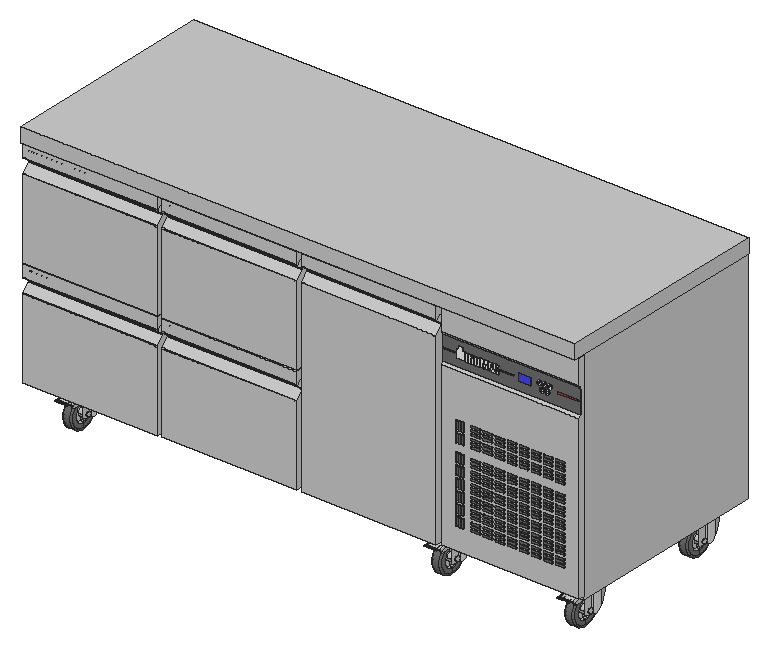
Revit family "QF_INOMAK_PNRP999_250513024609", category Specialty Equipment, Revit 2021 (continued)
Definition of nested family "QF_INOMAK_REF_COUNTERS_DOORS_DRAWERS_16448"
  Definition of nested family "4_Drawers_1-4"
    Forms (mm)
      Extrusion 1, solid, material <- "Finish", visible <- "4 Drawers"
        sketch origin (35, 0, -1) x (0, -1, 0) y (0, 0, 1)
          loop
            arc (690, 1037) -> (687.071, 1044.071) -> (680, 1047) r 10
        from 0 to -1130
      Extrusion 2, solid, visible <- "4 Drawers", detail levels coarse
        sketch origin (0, -640.463, 826.083) x (0, 1, 0) y (-1, 0, 0)
          loop
            line (-49.537, -35) -> (-624.537, -35) -> (-624.537, -1165) -> (-49.537, -1165) -> (-49.537, -35)
        from 0 to 219.917
      Extrusion 3, solid, visible <- "4 Drawers", detail levels coarse
        sketch origin (0, -700, 154) x (-1, 0, 0) y (0, 1, 0)
          loop
            line (-35, 10) -> (-1165, 10) -> (-1165, -565) -> (-35, -565) -> (-35, 10)
        from 0 to -219.583
      Extrusion 4, solid, material <- "Finish", visible <- "4 Drawers"
        sketch origin (35, 0, -440.333) x (0, -1, 0) y (0, 0, 1)
          loop
            line (680, 813.917) -> (670, 813.917) -> (670, 594.333) -> (690, 594.333) -> (690, 757.761)
            arc (690, 757.761) -> (689.115, 763.644) -> (686.539, 769.007) r 20
            line (686.539, 769.007) -> (673, 788.917) -> (673, 810.917) -> (680, 810.917)
            arc (680, 810.917) -> (684.95, 808.866) -> (687, 803.917) r 7
            line (687, 803.917) -> (687, 798.904) -> (690, 798.904) -> (690, 803.917)
            arc (690, 803.917) -> (687.071, 810.988) -> (680, 813.917) r 10
        from 0 to -1130
      Extrusion 5, solid, material <- "Finish", visible <- "4 Drawers"
        sketch origin (35, 0, -165.333) x (0, -1, 0) y (0, 0, 1)
          loop
            line (680, 987.75) -> (670, 987.75) -> (670, 767.167) -> (690, 767.167) -> (690, 931.594)
            arc (690, 931.594) -> (689.115, 937.478) -> (686.539, 942.84) r 20
            line (686.539, 942.84) -> (673, 962.75) -> (673, 984.75) -> (680, 984.75)
            arc (680, 984.75) -> (684.95, 982.7) -> (687, 977.75) r 7
            line (687, 977.75) -> (687, 972.738) -> (690, 972.738) -> (690, 977.75)
            arc (690, 977.75) -> (687.071, 984.821) -> (680, 987.75) r 10
        from 0 to -1130
      Extrusion 6, solid, material <- "Finish", visible <- "4 Drawers"
        sketch origin (35, 0, -330.333) x (0, -1, 0) y (0, 0, 1)
          loop
            line (680, 928.5) -> (670, 928.5) -> (670, 708.25) -> (690, 708.25) -> (690, 872.344)
            arc (690, 872.344) -> (689.115, 878.228) -> (686.539, 883.59) r 20
            line (686.539, 883.59) -> (673, 903.5) -> (673, 925.5) -> (680, 925.5)
            arc (680, 925.5) -> (684.95, 923.45) -> (687, 918.5) r 7
            line (687, 918.5) -> (687, 913.488) -> (690, 913.488) -> (690, 918.5)
            arc (690, 918.5) -> (687.071, 925.571) -> (680, 928.5) r 10
        from 0 to -1130
      Extrusion 7, solid, visible <- "4 Drawers", detail levels coarse
        sketch origin (0, -500.463, 601.833) x (0, 1, 0) y (-1, 0, 0)
          loop
            line (-189.537, -35) -> (-764.537, -35) -> (-764.537, -1165) -> (-189.537, -1165) -> (-189.537, -35)
        from 0 to 220.583
      Extrusion 8, solid, visible <- "4 Drawers", detail levels coarse
        sketch origin (0, -540.463, 377.917) x (0, 1, 0) y (-1, 0, 0)
          loop
            line (-149.537, -35) -> (-724.537, -35) -> (-724.537, -1165) -> (-149.537, -1165) -> (-149.537, -35)
        from 0 to 220.25
    Lines and regions (mm)
      symbolic lines, visible <- "4 Drawers"
        curve 1: line (35, -945, 900) -> (35, -985, 900)
        curve 2: line (35, -985, 900) -> (1165, -985, 900)
        curve 3: line (1165, -985, 900) -> (1165, -945, 900)
        curve 4: line (1165, -945, 900) -> (35, -945, 900)
        curve 5: line (1135, -945, 900) -> (1135, -845, 900)
        curve 6: line (65, -945, 900) -> (65, -845, 900)
        curve 7: line (35, -1085, 900) -> (35, -1125, 900)
        curve 8: line (35, -1125, 900) -> (1165, -1125, 900)
        curve 9: line (1165, -1125, 900) -> (1165, -1085, 900)
        curve 10: line (1165, -1085, 900) -> (35, -1085, 900)
        curve 11: line (1135, -1085, 900) -> (1135, -985, 900)
        curve 12: line (65, -1085, 900) -> (65, -985, 900)
        curve 13: line (35, -1225, 900) -> (35, -1265, 900)
        curve 14: line (35, -1265, 900) -> (1165, -1265, 900)
        curve 15: line (1165, -1265, 900) -> (1165, -1225, 900)
        curve 16: line (1165, -1225, 900) -> (35, -1225, 900)
        curve 17: line (1135, -1225, 900) -> (1135, -1125, 900)
        curve 18: line (65, -1225, 900) -> (65, -1125, 900)
        curve 19: line (35, -805, 900) -> (35, -845, 900)
        curve 20: line (35, -845, 900) -> (1165, -845, 900)
        curve 21: line (1165, -845, 900) -> (1165, -805, 900)
        curve 22: line (1165, -805, 900) -> (35, -805, 900)
        curve 23: line (65, -805, 900) -> (65, -700, 900)
        curve 24: line (1135, -805, 900) -> (1135, -700, 900)
    Dimensions and locks
      "Length Actual": plane 3 "Left" to plane 4 "Right"
      "Depth Actual": plane 5 "Front" to plane 1 "Back"
      "Height Actual": plane 6 "Top" to plane 8 "Legs top"
      "Front inset": plane 7 "Front legs" to plane 5 "Front"
      "Plinth height": plane 8 "Legs top" to plane 2
      "Rear inset": plane 9 "Backsplash thickness" to plane 1 "Back"
      "Right panel thickness": plane 11 "Right panel" to plane 4 "Right"
      "Left panel thickness": plane 3 "Left" to plane 10 "Left panel"
      locked: plane 14 to plane 15 at 3.667
      equal spacing: plane 14, plane 12, plane 15
      locked: plane 23 to plane 24 at 3.667
      equal spacing: plane 23, plane 22, plane 24
      "Bottom inset": plane 20 to plane 8 "Legs top"
      equal spacing: plane 19, plane 17, plane 18
      locked: plane 19 to plane 18 at 4.333
      equal spacing: plane 21, plane 17, plane 22, plane 12, plane 16
      locked: plane 13 to plane 16 at 2.5
      "Top inset": plane 13 to plane 6 "Top"
      locked: plane 21 to plane 20 at 2.5
      aligned and locked: level to plane 2
      aligned and locked: plane 7 "Front legs" to Extrusion 1 sketch curve  (x2)
      aligned and locked: Extrusion 1 to plane 11 "Right panel"
      aligned and locked: Extrusion 1 sketch curve to plane 13
      aligned and locked: Extrusion 1 sketch curve to plane 14
      aligned and locked: plane 10 "Left panel" to curve 1
      aligned and locked: plane 10 "Left panel" to curve 7
      aligned and locked: plane 10 "Left panel" to curve 13
      aligned and locked: Extrusion 2 sketch curve to plane 10 "Left panel"
      aligned and locked: plane 11 "Right panel" to Extrusion 2 sketch curve
      aligned and locked: Extrusion 3 sketch curve to plane 10 "Left panel"
      aligned and locked: plane 11 "Right panel" to Extrusion 3 sketch curve
      aligned and locked: Extrusion 2 to plane 13
      aligned and locked: Extrusion 3 to plane 19
      aligned and locked: plane 20 to Extrusion 4 sketch curve
      aligned and locked: Extrusion 4 to plane 11 "Right panel"
      aligned and locked: Extrusion 5 sketch curve to plane 15
      aligned and locked: plane 7 "Front legs" to Extrusion 5 sketch curve
      aligned and locked: Extrusion 5 sketch curve to plane 23
      aligned and locked: Extrusion 6 sketch curve to plane 24
      aligned and locked: plane 7 "Front legs" to Extrusion 6 sketch curve
      aligned and locked: Extrusion 6 sketch curve to plane 18
      aligned and locked: Extrusion 7 to plane 15
      aligned and locked: Extrusion 8 to plane 24
      aligned and locked: Extrusion 5 to plane 11 "Right panel"
      aligned and locked: Extrusion 6 to plane 11 "Right panel"
    Automatic sketch dimensions
      Extrusion 1 sketch curve to Extrusion 1 sketch curve = 0 mm  (x2)
      plane 7 "Front legs" to Extrusion 1 sketch curve = 3 mm
      plane 7 "Front legs" to Extrusion 1 sketch curve = 3.461 mm
      plane 7 "Front legs" to Extrusion 1 sketch curve = 10 mm
      Extrusion 1 sketch curve to Extrusion 1 sketch curve = 7 mm
      plane 7 "Front legs" to Extrusion 1 sketch curve = 20 mm  (x2)
      Extrusion 1 sketch curve to Extrusion 1 sketch curve = 46.156 mm
      Extrusion 1 sketch curve to Extrusion 1 sketch curve = 15 mm
      Extrusion 1 sketch curve to Extrusion 1 sketch curve = 5.012 mm
      Extrusion 2 sketch curve to plane 7 "Front legs" = 0 mm
      Extrusion 2 sketch curve to plane 5 "Front" = 565 mm
      Extrusion 3 sketch curve to plane 7 "Front legs" = 0 mm
      Extrusion 3 sketch curve to plane 5 "Front" = 565 mm
      Extrusion 5 sketch curve to Extrusion 5 sketch curve = 0 mm  (x2)
      Extrusion 5 sketch curve to plane 7 "Front legs" = 0 mm
      plane 7 "Front legs" to Extrusion 5 sketch curve = 3 mm
      plane 7 "Front legs" to Extrusion 5 sketch curve = 3.461 mm
      plane 7 "Front legs" to Extrusion 5 sketch curve = 10 mm
      Extrusion 5 sketch curve to Extrusion 5 sketch curve = 7 mm
      plane 7 "Front legs" to Extrusion 5 sketch curve = 20 mm  (x2)
      Extrusion 5 sketch curve to Extrusion 5 sketch curve = 46.156 mm
      Extrusion 5 sketch curve to Extrusion 5 sketch curve = 15 mm
      Extrusion 5 sketch curve to Extrusion 5 sketch curve = 5.012 mm
      Extrusion 6 sketch curve to Extrusion 6 sketch curve = 0 mm  (x2)
      Extrusion 6 sketch curve to plane 7 "Front legs" = 0 mm
      plane 7 "Front legs" to Extrusion 6 sketch curve = 3 mm
      plane 7 "Front legs" to Extrusion 6 sketch curve = 3.461 mm
      plane 7 "Front legs" to Extrusion 6 sketch curve = 10 mm
      Extrusion 6 sketch curve to Extrusion 6 sketch curve = 7 mm
      plane 7 "Front legs" to Extrusion 6 sketch curve = 20 mm  (x2)
      Extrusion 6 sketch curve to Extrusion 6 sketch curve = 46.156 mm
      Extrusion 6 sketch curve to Extrusion 6 sketch curve = 15 mm
      Extrusion 6 sketch curve to Extrusion 6 sketch curve = 5.012 mm
      curve 14 to plane 11 "Right panel" = 0 mm
      curve 8 to plane 11 "Right panel" = 0 mm
      curve 2 to plane 11 "Right panel" = 0 mm
      curve 21 to plane 11 "Right panel" = 0 mm
      curve 20 to plane 10 "Left panel" = 0 mm
      curve 23 to plane 5 "Front" = 0 mm
      curve 24 to plane 5 "Front" = 0 mm
      curve 21 to plane 5 "Front" = 105 mm
      curve 20 to curve 21 = 40 mm
      curve 3 to curve 20 = 100 mm
      curve 3 to curve 3 = 40 mm
      curve 10 to curve 1 = 100 mm
      curve 9 to curve 9 = 40 mm
      curve 15 to curve 8 = 100 mm
      curve 15 to curve 15 = 40 mm
      plane 11 "Right panel" to curve 24 = 30 mm
      curve 8 to curve 17 = 30 mm
      curve 11 to curve 17 = 0 mm
      curve 23 to plane 10 "Left panel" = 30 mm
      curve 12 to curve 6 = 0 mm
      curve 18 to curve 12 = 0 mm
      Extrusion 4 sketch curve to Extrusion 4 sketch curve = 0 mm  (x2)
      plane 19 to Extrusion 4 sketch curve = 0 mm
      Extrusion 4 sketch curve to plane 7 "Front legs" = 0 mm  (x2)
      plane 7 "Front legs" to Extrusion 4 sketch curve = 3 mm
      plane 7 "Front legs" to Extrusion 4 sketch curve = 3.461 mm
      plane 7 "Front legs" to Extrusion 4 sketch curve = 10 mm
      Extrusion 4 sketch curve to Extrusion 4 sketch curve = 7 mm
      plane 7 "Front legs" to Extrusion 4 sketch curve = 20 mm  (x2)
      Extrusion 4 sketch curve to Extrusion 4 sketch curve = 46.156 mm
      Extrusion 4 sketch curve to Extrusion 4 sketch curve = 15 mm
      Extrusion 4 sketch curve to Extrusion 4 sketch curve = 5.012 mm
      Extrusion 7 sketch curve to plane 10 "Left panel" = 0 mm
      Extrusion 7 sketch curve to plane 11 "Right panel" = 0 mm
      Extrusion 7 sketch curve to plane 7 "Front legs" = 0 mm
      Extrusion 7 sketch curve to plane 5 "Front" = 565 mm
      Extrusion 8 sketch curve to plane 10 "Left panel" = 0 mm
      Extrusion 8 sketch curve to plane 11 "Right panel" = 0 mm
      Extrusion 8 sketch curve to plane 7 "Front legs" = 0 mm
      Extrusion 8 sketch curve to plane 5 "Front" = 565 mm
      curve 6 to plane 10 "Left panel" = 30 mm
      curve 5 to curve 24 = 0 mm
  Definition of nested family "Hinged_Doors"
    Parameters (values of type "Hinged doors")
      URL = "www.specifiglobal.com"
      Top inset [instance] = 4 mm
      Right panel thickness [instance] = 35 mm
      Rear inset [instance] = 10 mm
      Plinth height [instance] = 150 mm
      Model = ""
      Manufacturer = "DEMO CONSULTANT"
      Length Actual [instance] = 1200 mm
      Left panel thickness [instance] = 35 mm
      Hinged doors [instance] = Doors drawers type = 3  # yes
      Height Actual [instance] = 900 mm
      Front inset [instance] = 10 mm
      Finish [instance] = none
      Doors drawers type [instance] = 3
      Description = ""
      Depth Actual [instance] = 700 mm
      Default Elevation = 0 mm
      Bottom inset [instance] = 4 mm
      Assembly Code = "E1090320"
    Reference planes
      plane 1 "Back": y = 0
      plane 2: z = 0
      plane 3 "Left": x = 0
      plane 4 "Right": x = 1200
      plane 5 "Front": y = -700
      plane 6 "Top": z = 1050
      plane 7 "Front legs": y = -690
      plane 8 "Legs top": z = 150
      plane 9 "Backsplash thickness": y = -10
      plane 10: x = 35
      plane 11: x = 1165
      plane 12 "Center Left-Right": x = 600
      plane 13: x = 597.5
      plane 14: x = 602.5
      plane 15: z = 154
      plane 16: z = 1046
    Forms (mm)
      Extrusion 1, solid, material <- "Finish", visible <- "Hinged doors"
        sketch origin (35, -2307.849, 4000) x (0, -1, 0) y (0, 0, 1)
          loop
            line (-1627.849, -2954) -> (-1637.849, -2954) -> (-1637.849, -3846) -> (-1617.849, -3846) -> (-1617.849, -3010.156)
            arc (-1617.849, -3010.156) -> (-1618.734, -3004.272) -> (-1621.31, -2998.91) r 20
            line (-1621.31, -2998.91) -> (-1634.849, -2979) -> (-1634.849, -2957) -> (-1627.849, -2957)
            arc (-1627.849, -2957) -> (-1622.899, -2959.05) -> (-1620.849, -2964) r 7
            line (-1620.849, -2964) -> (-1620.849, -2969.012) -> (-1617.849, -2969.012) -> (-1617.849, -2964)
            arc (-1617.849, -2964) -> (-1620.778, -2956.929) -> (-1627.849, -2954) r 10
        from 0 to -562.5
      Extrusion 2, solid, visible <- "Hinged doors", detail levels coarse
        sketch origin (0, -700, 154) x (-1, 0, 0) y (0, 1, 0)
          loop
            line (-35, 10) -> (-597.5, 10)
            arc (-597.5, 10) -> (-432.748, -387.748) -> (-35, -552.5) r 562.5
            line (-35, -552.5) -> (-35, 10)
        from 0 to -892
      Extrusion 3, solid, material <- "Finish", visible <- "Hinged doors"
        sketch origin (1165, -2312.576, 4000) x (0, -1, 0) y (0, 0, 1)
          loop
            line (-1632.576, -2954) -> (-1642.576, -2954) -> (-1642.576, -3846) -> (-1622.576, -3846) -> (-1622.576, -3010.156)
            arc (-1622.576, -3010.156) -> (-1623.46, -3004.272) -> (-1626.037, -2998.91) r 20
            line (-1626.037, -2998.91) -> (-1639.576, -2979) -> (-1639.576, -2957) -> (-1632.576, -2957)
            arc (-1632.576, -2957) -> (-1627.626, -2959.05) -> (-1625.576, -2964) r 7
            line (-1625.576, -2964) -> (-1625.576, -2969.012) -> (-1622.576, -2969.012) -> (-1622.576, -2964)
            arc (-1622.576, -2964) -> (-1625.504, -2956.929) -> (-1632.576, -2954) r 10
        from 0 to 562.5
      Extrusion 4, solid, visible <- "Hinged doors", detail levels coarse
        sketch origin (0, -700, 154) x (-1, 0, 0) y (0, 1, 0)
          loop
            line (-1165, 10) -> (-1165, -552.5)
            arc (-1165, -552.5) -> (-767.252, -387.748) -> (-602.5, 10) r 562.5
            line (-602.5, 10) -> (-1165, 10)
        from 0 to -892
    Lines and regions (mm)
      symbolic lines, visible <- "Hinged doors"
        curve 1: line (35, -700, 150) -> (35, -1252.5, 150)
        curve 2: arc (35, -1252.5, 150) -> (429.196, -1091.268, 150) -> (597.411, -700, 150) r 562.5
        curve 3: arc (602.589, -700, 150) -> (770.804, -1091.268, 150) -> (1165, -1252.5, 150) r 562.5
        curve 4: line (1165, -1252.5, 150) -> (1165, -700, 150)
    Dimensions and locks
      "Length Actual": plane 3 "Left" to plane 4 "Right"
      "Depth Actual": plane 5 "Front" to plane 1 "Back"
      "Height Actual": plane 6 "Top" to plane 8 "Legs top"
      "Front inset": plane 7 "Front legs" to plane 5 "Front"
      "Plinth height": plane 8 "Legs top" to plane 2
      "Rear inset": plane 9 "Backsplash thickness" to plane 1 "Back"
      "Right panel thickness": plane 11 to plane 4 "Right"
      "Left panel thickness": plane 3 "Left" to plane 10
      equal spacing: plane 10, plane 12 "Center Left-Right", plane 11
      plane 13 to plane 12 "Center Left-Right" = 2.5 mm
      plane 12 "Center Left-Right" to plane 14 = 2.5 mm
      "Bottom inset": plane 15 to plane 8 "Legs top"
      "Top inset": plane 16 to plane 6 "Top"
      aligned and locked: level to plane 2
      aligned and locked: Extrusion 1 to plane 13
      aligned and locked: plane 10 to Extrusion 2 sketch curve
      aligned and locked: plane 13 to Extrusion 2 sketch curve
      aligned and locked: plane 7 "Front legs" to Extrusion 2 sketch curve  (x2)
      aligned and locked: plane 14 to Extrusion 3
      aligned and locked: Extrusion 2 to curve 1
      aligned and locked: curve 2 to Extrusion 2
      aligned and locked: curve 3 to Extrusion 4
      aligned and locked: curve 4 to Extrusion 4
      aligned and locked: plane 5 "Front" to curve 1
      aligned and locked: plane 5 "Front" to curve 2
      aligned and locked: plane 5 "Front" to curve 3
      aligned and locked: plane 5 "Front" to curve 4
      aligned and locked: Extrusion 4 to plane 16
      aligned and locked: Extrusion 2 to plane 16
      aligned and locked: Extrusion 1 sketch curve to plane 16
      aligned and locked: Extrusion 1 sketch curve to plane 15
      aligned and locked: Extrusion 3 sketch curve to plane 15
      aligned and locked: Extrusion 3 sketch curve to plane 16
    Automatic sketch dimensions
      Extrusion 1 sketch curve to Extrusion 1 sketch curve = 0 mm  (x2)
      Extrusion 1 sketch curve to plane 7 "Front legs" = 0 mm  (x2)
      plane 7 "Front legs" to Extrusion 1 sketch curve = 3 mm
      plane 7 "Front legs" to Extrusion 1 sketch curve = 3.461 mm
      plane 7 "Front legs" to Extrusion 1 sketch curve = 10 mm
      Extrusion 1 sketch curve to Extrusion 1 sketch curve = 7 mm
      plane 7 "Front legs" to Extrusion 1 sketch curve = 20 mm  (x2)
      Extrusion 1 sketch curve to Extrusion 1 sketch curve = 46.156 mm
      Extrusion 1 sketch curve to Extrusion 1 sketch curve = 15 mm
      Extrusion 1 sketch curve to Extrusion 1 sketch curve = 5.012 mm
      Extrusion 3 sketch curve to Extrusion 3 sketch curve = 0 mm  (x2)
      Extrusion 3 sketch curve to plane 7 "Front legs" = 0 mm  (x2)
      Extrusion 3 sketch curve to Extrusion 3 sketch curve = 3 mm
      plane 7 "Front legs" to Extrusion 3 sketch curve = 3.461 mm
      plane 7 "Front legs" to Extrusion 3 sketch curve = 10 mm
      Extrusion 3 sketch curve to Extrusion 3 sketch curve = 7 mm
      Extrusion 3 sketch curve to Extrusion 3 sketch curve = 16.539 mm
      Extrusion 3 sketch curve to Extrusion 3 sketch curve = 20 mm
      Extrusion 3 sketch curve to Extrusion 3 sketch curve = 46.156 mm
      Extrusion 3 sketch curve to Extrusion 3 sketch curve = 15 mm
      Extrusion 3 sketch curve to Extrusion 3 sketch curve = 5.012 mm
      Extrusion 4 sketch curve to plane 11 = 0 mm
      Extrusion 4 sketch curve to plane 7 "Front legs" = 0 mm
      Extrusion 4 sketch curve to plane 14 = 0 mm
  Definition of nested family "Hopper"
    Parameters (values of type "Hopper")
      URL = "www.specifiglobal.com"
      Top inset [instance] = 4 mm
      Right panel thickness [instance] = 35 mm
      Rear inset [instance] = 10 mm
      Plinth height [instance] = 150 mm
      Model = ""
      Manufacturer = "DEMO CONSULTANT"
      Length Actual [instance] = 700 mm
      Left panel thickness [instance] = 35 mm
      Hopper [instance] = Doors drawers type = 10  # yes
      Height Actual [instance] = 900 mm
      Front inset [instance] = 10 mm
      Finish [instance] = none
      Doors drawers type [instance] = 10
      Description = ""
      Depth Actual [instance] = 700 mm
      Default Elevation = 0 mm
      Bottom inset [instance] = 4 mm
      Assembly Code = "E1090320"
      2 Drawers = yes
    Reference planes
      plane 1 "Back": y = 0
      plane 2: z = 0
      plane 3 "Left": x = 0
      plane 4 "Right": x = 700
      plane 5 "Front": y = -700
      plane 6 "Top": z = 1050
      plane 7 "Front legs": y = -690
      plane 8 "Legs top": z = 150
      plane 9 "Backsplash thickness": y = -10
      plane 10 "Left panel": x = 35
      plane 11 "Right panel": x = 665
      plane 12: z = 1046
      plane 13: z = 154
    Forms (mm)
      Extrusion 1, solid, material <- "Finish", visible <- "Hopper"
        sketch origin (35, 0, 0) x (0, -1, 0) y (0, 0, 1)
          loop
            line (690, 154) -> (690, 960.365)
            arc (690, 960.365) -> (689.866, 961.037) -> (689.485, 961.607) r 1.757
            line (689.485, 961.607) -> (666.663, 984.429)
            arc (666.663, 984.429) -> (665.976, 985.458) -> (665.734, 986.672) r 3.172
            line (665.734, 986.672) -> (665.734, 1013.576)
            arc (665.734, 1013.576) -> (666.433, 1015.262) -> (668.119, 1015.961) r 2.385
            line (668.119, 1015.961) -> (680.029, 1015.961) -> (686.544, 1006.657)
            arc (686.544, 1006.657) -> (688.671, 1005.935) -> (690, 1007.747) r 1.9
            line (690, 1007.747) -> (690, 1046) -> (648, 1046) -> (648, 154) -> (690, 154)
        from 0 to -630
      Extrusion 2, solid, visible <- "Hopper", detail levels coarse
        sketch origin (35, 0, 0) x (0, -1, 0) y (0, 0, 1)
          loop
            line (690, 154) -> (1265, 154) -> (1265, 1046) -> (690, 1046) -> (690, 154)
        from 0 to -630
    Lines and regions (mm)
      symbolic lines, visible <- "Hopper"
        curve 1: line (35, -1225, 900) -> (35, -1265, 900)
        curve 2: line (35, -1265, 900) -> (665, -1265, 900)
        curve 3: line (665, -1265, 900) -> (665, -1225, 900)
        curve 4: line (665, -1225, 900) -> (35, -1225, 900)
        curve 5: line (635, -1225, 900) -> (635, -700, 900)
        curve 6: line (65, -1225, 900) -> (65, -700, 900)
    Dimensions and locks
      "Length Actual": plane 3 "Left" to plane 4 "Right"
      "Depth Actual": plane 5 "Front" to plane 1 "Back"
      "Height Actual": plane 6 "Top" to plane 8 "Legs top"
      "Front inset": plane 7 "Front legs" to plane 5 "Front"
      "Plinth height": plane 8 "Legs top" to plane 2
      "Rear inset": plane 9 "Backsplash thickness" to plane 1 "Back"
      "Right panel thickness": plane 11 "Right panel" to plane 4 "Right"
      "Left panel thickness": plane 3 "Left" to plane 10 "Left panel"
      "Top inset": plane 12 to plane 6 "Top"
      "Bottom inset": plane 13 to plane 8 "Legs top"
      aligned and locked: level to plane 2
      aligned and locked: Extrusion 1 to plane 11 "Right panel"
      aligned and locked: Extrusion 2 to plane 11 "Right panel"
      aligned and locked: plane 10 "Left panel" to Extrusion 2
      aligned and locked: Extrusion 1 sketch curve to plane 12
      aligned and locked: Extrusion 1 sketch curve to Extrusion 2
      aligned and locked: Extrusion 1 sketch curve to plane 13
    Automatic sketch dimensions
      Extrusion 1 sketch curve to Extrusion 1 sketch curve = 17.734 mm
      Extrusion 1 sketch curve to Extrusion 1 sketch curve = 0.929 mm
      Extrusion 1 sketch curve to Extrusion 1 sketch curve = 2.385 mm
      Extrusion 1 sketch curve to Extrusion 1 sketch curve = 3.172 mm
      Extrusion 1 sketch curve to Extrusion 1 sketch curve = 11.91 mm
      Extrusion 1 sketch curve to Extrusion 1 sketch curve = 6.515 mm
      Extrusion 1 sketch curve to Extrusion 1 sketch curve = 1.556 mm
      Extrusion 1 sketch curve to Extrusion 1 sketch curve = 21.58 mm
      Extrusion 1 sketch curve to Extrusion 1 sketch curve = 1.242 mm
      Extrusion 1 sketch curve to Extrusion 1 sketch curve = 1.9 mm
      Extrusion 1 sketch curve to Extrusion 1 sketch curve = 0.515 mm
      Extrusion 1 sketch curve to Extrusion 1 sketch curve = 22.822 mm
      Extrusion 1 sketch curve to Extrusion 1 sketch curve = 19.985 mm
      Extrusion 1 sketch curve to Extrusion 1 sketch curve = 6.919 mm
      Extrusion 1 sketch curve to Extrusion 1 sketch curve = 30.039 mm
      Extrusion 2 sketch curve to plane 7 "Front legs" = 0 mm
      plane 13 to Extrusion 2 sketch curve = 0 mm
      plane 12 to Extrusion 2 sketch curve = 0 mm
      Extrusion 2 sketch curve to plane 5 "Front" = 565 mm
      curve 1 to plane 10 "Left panel" = 0 mm
      curve 2 to plane 11 "Right panel" = 0 mm
      curve 6 to plane 5 "Front" = 0 mm
      curve 5 to plane 5 "Front" = 0 mm
      curve 4 to plane 5 "Front" = 525 mm
      curve 3 to curve 3 = 40 mm
      plane 11 "Right panel" to curve 5 = 30 mm
      curve 6 to plane 10 "Left panel" = 30 mm
Definition of nested family "QF_INOMAK_REF_COUNTERS_DOORS_DRAWERS_25919"
  Parameters (values of type "DR-LX-710")
    Weight [instance] = 0.00 kg
    Warranty Start Date [instance] = ""
    Warranty Duration [instance] = ""
    URL Cutsheet [instance] = ""
    URL = "www.inomak.com"
    Top inset [instance] = 10 mm
    Technical Documentation [instance] = ""
    Tag Number [instance] = ""
    Status [instance] = ""
    Specification by User [instance] = ""
    Specification by Manufacturer [instance] = ""
    Sound Level [instance] = ""
    Solid Fuel Type [instance] = ""
    Show Logo [instance] = yes
    Show Clearances [instance] = yes
    Service Life Duration [instance] = ""
    Serial Number [instance] = ""
    Seismic Rating [instance] = ""
    SMACNA No [instance] = ""
    Right panel thickness [instance] = 0 mm
    Revision Code [instance] = ""
    Revision [instance] = ""
    Rear inset [instance] = 0 mm
    Production Year [instance] = ""
    Point Load [instance] = 0
    Plinth height [instance] = 0 mm
    Other Equipment Approvals [instance] = ""
    NAFEM Spec ID Number [instance] = ""
    Model Warning [instance] = ""
    Model = "DR-LX-710"
    Masterspec [instance] = ""
    Manufacturer = "INOMAK"
    Length Actual [instance] = 435 mm
    Left panel thickness [instance] = 0 mm
    Item Number [instance] = ""
    Installed By [instance] = ""
    Installation Date [instance] = ""
    Identify Quantity as Lot [instance] = yes
    ID [instance] = ""
    Hygiene Approval [instance] = ""
    Height Actual [instance] = 710 mm
    Furnished By [instance] = ""
    Front inset [instance] = 10 mm
    Foodservice Equipment Identifier [instance] = yes
    Finish [instance] = none
    ETL Approved [instance] = yes
    Doors drawers type [instance] = 8
    Description = "LEFT HINGED DOOR"
    Depth Actual [instance] = 700 mm
    Default Elevation = 0 mm
    CSI MasterFormat [instance] = ""
    CE Approved [instance] = yes
    Bottom inset [instance] = 10 mm
    Barcode [instance] = ""
    Author [instance] = ""
    Asset Identifier [instance] = ""
    Assembly Code = "E1090320"
    Accessory [instance] = yes
  Types (9, lengths in mm): name | Model | Height Actual | Doors drawers type | Description
    DW-2-710 | "DW-2-710" | 710 | 4 | "2 X GN 1/2 DRAWERS"
    DR-LX-710 | "DR-LX-710" | 710 | 8 | "LEFT HINGED DOOR"
    DR-RX-710 | "DR-RX-710" | 710 | 9 | "RIGHT HINGED DOOR"
    DW-3-710 | "DW-3-710" | 710 | 6 | "3 X GN 1/3 DRAWERS"
    DW-B-710 | "DW-B-710" | 710 | 5 | "1 X GN 1/3 & 1 X GN 2/3 DRAWERS"
    DW-2-483 | "DW-2-483" | 483 | 4 | "2 X GN 1/3 DRAWERS"
    DR-LX-483 | "DR-LX-483" | 483 | 8 | "LEFT HINGED DOOR"
    DR-RX-483 | "DR-RX-483" | 483 | 9 | "RIGHT HINGED DOOR"
    DW-1-483 | "DW-1-483" | 483 | 10 | "1 X GN 2/3 DRAWER"
  Reference planes
    plane 1 "Front": y = 0
    plane 2: z = 0
    plane 3 "Left": x = 0
    plane 4 "Right": x = 435
    plane 5 "Back": y = 700
    plane 6 "Top": z = 710
    plane 7 "Bottom shelf": z = 0
    plane 8: z = 700
    plane 9: z = 10
    plane 10: x = 0
    plane 11: x = 435
    plane 12 "Center Top Bottom": z = 355
  Lines and regions (mm)
    reference lines
      curve 1: line (0, 0, 355) -> (0, 25, 355)
      curve 2: line (435, 0, 355) -> (435, 25, 355)
      curve 3: line (0, 700, 355) -> (435, 700, 355)
      curve 4: line (0, 0, 355) -> (435, 0, 355)
  Dimensions and locks
    "Length Actual": plane 3 "Left" to plane 4 "Right"
    "Depth Actual": plane 1 "Front" to plane 5 "Back"
    "Height Actual": plane 6 "Top" to plane 7 "Bottom shelf"
    "Plinth height": plane 7 "Bottom shelf" to plane 2
    "Top inset": plane 6 "Top" to plane 8
    "Bottom inset": plane 9 to plane 7 "Bottom shelf"
    "Left panel thickness": plane 3 "Left" to plane 10
    "Right panel thickness": plane 11 to plane 4 "Right"
    equal spacing: plane 6 "Top", plane 12 "Center Top Bottom", plane 7 "Bottom shelf"
    "Length Actual": curve 1 to plane 4 "Right"
    "Length Actual": plane 3 "Left" to curve 2
    "Depth Actual": plane 1 "Front" to curve 3
    "Depth Actual": plane 5 "Back" to curve 4
    aligned and locked: level to plane 2
    aligned and locked: plane 3 "Left" to nested 1
    aligned and locked: plane 3 "Left" to nested 2
    aligned and locked: plane 3 "Left" to nested 3
    aligned and locked: plane 3 "Left" to nested 4
    aligned and locked: plane 3 "Left" to nested 5
    aligned and locked: plane 3 "Left" to nested 6
    aligned and locked: plane 3 "Left" to nested 7
    aligned and locked: plane 3 "Left" to nested 8
    aligned and locked: plane 3 "Left" to nested 9
    aligned and locked: nested 4 to plane 1 "Front"
    aligned and locked: nested 6 to plane 1 "Front"
    aligned and locked: nested 8 to plane 1 "Front"
    aligned and locked: nested 5 to plane 1 "Front"
    aligned and locked: nested 3 to plane 1 "Front"
    aligned and locked: nested 7 to plane 1 "Front"
    aligned and locked: nested 2 to plane 1 "Front"
    aligned and locked: nested 1 to plane 1 "Front"
    aligned and locked: nested 9 to plane 1 "Front"
  Automatic sketch dimensions
    curve 3 to plane 4 "Right" = 0 mm
    curve 3 to plane 3 "Left" = 0 mm
    curve 2 to curve 2 = 25 mm
    curve 1 to curve 1 = 25 mm
  Nested families
    nested 1: "Right_Door" at (0, 700, 0), Depth Actual <- "Depth Actual", Height Actual <- "Height Actual", Length Actual <- "Length Actual", Front inset <- "Front inset", Rear inset <- "Rear inset", Left panel thickness <- "Left panel thickness", Right panel thickness <- "Right panel thickness", Doors drawers type <- "Doors drawers type", Plinth height <- "Plinth height", Top inset <- "Top inset", Bottom inset <- "Bottom inset", type "Right door"
      with Top inset 10 mm, Right panel thickness 0 mm, Right hand hinged door no, Rear inset 0 mm, Plinth height 0 mm, Length Actual 435 mm, Left panel thickness 0 mm, Height Actual 710 mm, Front inset 10 mm, Doors drawers type 8, Depth Actual 700 mm, Bottom inset 10 mm
    nested 2: "Left_Door" at (0, 700, 0), Depth Actual <- "Depth Actual", Height Actual <- "Height Actual", Length Actual <- "Length Actual", Front inset <- "Front inset", Rear inset <- "Rear inset", Left panel thickness <- "Left panel thickness", Right panel thickness <- "Right panel thickness", Doors drawers type <- "Doors drawers type", Plinth height <- "Plinth height", Top inset <- "Top inset", Bottom inset <- "Bottom inset", type "Left door"
      with Top inset 10 mm, Right panel thickness 0 mm, Rear inset 0 mm, Plinth height 0 mm, Length Actual 435 mm, Left panel thickness 0 mm, Left hand hinged door yes, Height Actual 710 mm, Front inset 10 mm, Doors drawers type 8, Depth Actual 700 mm, Bottom inset 10 mm
    nested 3: "3_Drawers_1-3" at (0, 700, 0), Depth Actual <- "Depth Actual", Height Actual <- "Height Actual", Length Actual <- "Length Actual", Front inset <- "Front inset", Rear inset <- "Rear inset", Left panel thickness <- "Left panel thickness", Right panel thickness <- "Right panel thickness", Doors drawers type <- "Doors drawers type", Plinth height <- "Plinth height", Top inset <- "Top inset", Bottom inset <- "Bottom inset", type "3 Drawers 1-3"
      with Top inset 10 mm, Right panel thickness 0 mm, Rear inset 0 mm, Plinth height 0 mm, Length Actual 435 mm, Left panel thickness 0 mm, Height Actual 710 mm, Front inset 10 mm, Doors drawers type 8, Depth Actual 700 mm, Bottom inset 10 mm, 3 Drawers no
    nested 4: "2_Drawers_1-2" at (0, 700, 0), Depth Actual <- "Depth Actual", Height Actual <- "Height Actual", Length Actual <- "Length Actual", Front inset <- "Front inset", Rear inset <- "Rear inset", Left panel thickness <- "Left panel thickness", Right panel thickness <- "Right panel thickness", Doors drawers type <- "Doors drawers type", Plinth height <- "Plinth height", Top inset <- "Top inset", Bottom inset <- "Bottom inset", type "2 Drawers 1-2"
      with Top inset 10 mm, Right panel thickness 0 mm, Rear inset 0 mm, Plinth height 0 mm, Length Actual 435 mm, Left panel thickness 0 mm, Height Actual 710 mm, Front inset 10 mm, Doors drawers type 8, Depth Actual 700 mm, Bottom inset 10 mm, 2 Drawers no
    nested 5: "2_Drawers_1-3_2-3" at (0, 700, 0), Depth Actual <- "Depth Actual", Height Actual <- "Height Actual", Length Actual <- "Length Actual", Front inset <- "Front inset", Rear inset <- "Rear inset", Left panel thickness <- "Left panel thickness", Right panel thickness <- "Right panel thickness", Doors drawers type <- "Doors drawers type", Plinth height <- "Plinth height", Top inset <- "Top inset", Bottom inset <- "Bottom inset", type "2 Drawers 1-3 and 2-3"
      with Top inset 10 mm, Right panel thickness 0 mm, Rear inset 0 mm, Plinth height 0 mm, Length Actual 435 mm, Left panel thickness 0 mm, Height Actual 710 mm, Front inset 10 mm, Doors drawers type 8, Depth Actual 700 mm, Bottom inset 10 mm, 2 Drawers 1-3 and 2-3 no
    nested 6: "Sliding_Doors" at (0, 700, 0), Depth Actual <- "Depth Actual", Height Actual <- "Height Actual", Length Actual <- "Length Actual", Front inset <- "Front inset", Rear inset <- "Rear inset", Left panel thickness <- "Left panel thickness", Right panel thickness <- "Right panel thickness", Doors drawers type <- "Doors drawers type", Plinth height <- "Plinth height", Top inset <- "Top inset", Bottom inset <- "Bottom inset", Finish <- "Finish", type "Sliding doors"
      with Top inset 10 mm, Sliding doors no, Right panel thickness 0 mm, Rear inset 0 mm, Plinth height 0 mm, Length Actual 435 mm, Left panel thickness 0 mm, Height Actual 710 mm, Front inset 10 mm, Finish none, Doors drawers type 8, Depth Actual 700 mm, Bottom inset 10 mm
    nested 7: "4_Drawers_1-4" at (0, 700, 0), Depth Actual <- "Depth Actual", Height Actual <- "Height Actual", Length Actual <- "Length Actual", Front inset <- "Front inset", Rear inset <- "Rear inset", Left panel thickness <- "Left panel thickness", Right panel thickness <- "Right panel thickness", Doors drawers type <- "Doors drawers type", Plinth height <- "Plinth height", Top inset <- "Top inset", Bottom inset <- "Bottom inset", Finish <- "Finish", type "4 Drawers 1-4"
      with Top inset 10 mm, Right panel thickness 0 mm, Rear inset 0 mm, Plinth height 0 mm, Length Actual 435 mm, Left panel thickness 0 mm, Height Actual 710 mm, Front inset 10 mm, Finish none, Doors drawers type 8, Depth Actual 700 mm, Bottom inset 10 mm, 4 Drawers no
    nested 8: "Hinged_Doors" at (0, 700, 0), Length Actual <- "Length Actual", Depth Actual <- "Depth Actual", Height Actual <- "Height Actual", Front inset <- "Front inset", Rear inset <- "Rear inset", Left panel thickness <- "Left panel thickness", Right panel thickness <- "Right panel thickness", Doors drawers type <- "Doors drawers type", Plinth height <- "Plinth height", Top inset <- "Top inset", Bottom inset <- "Bottom inset", Finish <- "Finish", type "Hinged doors"
      with Top inset 10 mm, Right panel thickness 0 mm, Rear inset 0 mm, Plinth height 0 mm, Length Actual 435 mm, Left panel thickness 0 mm, Hinged doors no, Height Actual 710 mm, Front inset 10 mm, Finish none, Doors drawers type 8, Depth Actual 700 mm, Bottom inset 10 mm
    nested 9: "Hopper" at (0, 700, 1.284), Length Actual <- "Length Actual", Depth Actual <- "Depth Actual", Height Actual <- "Height Actual", Front inset <- "Front inset", Rear inset <- "Rear inset", Left panel thickness <- "Left panel thickness", Right panel thickness <- "Right panel thickness", Doors drawers type <- "Doors drawers type", Plinth height <- "Plinth height", Top inset <- "Top inset", Bottom inset <- "Bottom inset", Finish <- "Finish", type "Hopper"
      with Top inset 10 mm, Right panel thickness 0 mm, Rear inset 0 mm, Plinth height 0 mm, Length Actual 435 mm, Left panel thickness 0 mm, Hopper no, Height Actual 710 mm, Front inset 10 mm, Finish none, Doors drawers type 8, Depth Actual 700 mm, Bottom inset 10 mm
  Definition of nested family "Left_Door"
    Parameters (values of type "Left door")
      URL = "www.specifiglobal.com"
      Top inset [instance] = 10 mm
      Right panel thickness [instance] = 0 mm
      Rear inset [instance] = 0 mm
      Plinth height [instance] = 150 mm
      Model = ""
      Manufacturer = "DEMO CONSULTANT"
      Length Actual [instance] = 700 mm
      Left panel thickness [instance] = 0 mm
      Left hand hinged door [instance] = Doors drawers type = 8  # yes
      Height Actual [instance] = 710 mm
      Front inset [instance] = 10 mm
      Finish = none
      Doors drawers type [instance] = 8
      Description = ""
      Depth Actual [instance] = 700 mm
      Default Elevation = 0 mm
      Bottom inset [instance] = 0 mm
      Assembly Code = "E1090320"
    Reference planes
      plane 1 "Back": y = 0
      plane 2: z = 0
      plane 3 "Left": x = 0
      plane 4 "Right": x = 700
      plane 5 "Front": y = -700
      plane 6 "Top": z = 860
      plane 7 "Front legs": y = -690
      plane 8 "Legs top": z = 150
      plane 9 "Backsplash thickness": y = 0
      plane 10 "Left panel": x = 0
      plane 11 "Right panel": x = 700
      plane 12: z = 850
      plane 13: z = 150
    Forms (mm)
      Extrusion 1, solid, material <- "Finish", visible <- "Left hand hinged door"
        sketch origin (0, 0, 0) x (0, -1, 0) y (0, 0, 1)
          loop
            line (690, 150) -> (690, 764.365)
            arc (690, 764.365) -> (689.866, 765.037) -> (689.485, 765.607) r 1.757
            line (689.485, 765.607) -> (666.663, 788.429)
            arc (666.663, 788.429) -> (665.976, 789.458) -> (665.734, 790.672) r 3.172
            line (665.734, 790.672) -> (665.734, 817.576)
            arc (665.734, 817.576) -> (666.433, 819.262) -> (668.119, 819.961) r 2.385
            line (668.119, 819.961) -> (680.029, 819.961) -> (686.544, 810.657)
            arc (686.544, 810.657) -> (688.671, 809.935) -> (690, 811.747) r 1.9
            line (690, 811.747) -> (690, 850) -> (648, 850) -> (648, 150) -> (690, 150)
        from 0 to -700
      Extrusion 2, solid, visible <- "Left hand hinged door", detail levels coarse
        sketch origin (0, -700, 150) x (-1, 0, 0) y (0, 1, 0)
          loop
            arc (-700, 10) -> (-495.871, -481.066) -> (0, -673.23) r 677.11
            line (0, -673.23) -> (0, 10) -> (-700, 10)
        from 0 to -700
    Lines and regions (mm)
      symbolic lines, visible <- "Left hand hinged door"
        curve 1: line (0, -700, 150) -> (0, -1373.247, 150)
        curve 2: arc (0, -1373.247, 150) -> (492.316, -1184.595, 150) -> (700, -700, 150) r 676.963
    Dimensions and locks
      "Length Actual": plane 3 "Left" to plane 4 "Right"
      "Depth Actual": plane 5 "Front" to plane 1 "Back"
      "Height Actual": plane 6 "Top" to plane 8 "Legs top"
      "Front inset": plane 7 "Front legs" to plane 5 "Front"
      "Plinth height": plane 8 "Legs top" to plane 2
      "Rear inset": plane 9 "Backsplash thickness" to plane 1 "Back"
      "Right panel thickness": plane 11 "Right panel" to plane 4 "Right"
      "Left panel thickness": plane 3 "Left" to plane 10 "Left panel"
      "Top inset": plane 6 "Top" to plane 12
      "Bottom inset": plane 13 to plane 8 "Legs top"
      aligned and locked: level to plane 2
      aligned and locked: Extrusion 1 to plane 11 "Right panel"
      aligned and locked: plane 10 "Left panel" to Extrusion 2 sketch curve
      aligned and locked: plane 11 "Right panel" to Extrusion 2 sketch curve
      aligned and locked: Extrusion 2 sketch curve to plane 10 "Left panel"
      aligned and locked: plane 7 "Front legs" to Extrusion 2 sketch curve
      aligned and locked: plane 7 "Front legs" to Extrusion 2
      aligned and locked: plane 10 "Left panel" to Extrusion 2
      aligned and locked: Extrusion 2 to plane 12
      aligned and locked: Extrusion 1 sketch curve to plane 13
      aligned and locked: Extrusion 1 sketch curve to plane 7 "Front legs"
      aligned and locked: Extrusion 1 sketch curve to plane 12
    Automatic sketch dimensions
      Extrusion 1 sketch curve to Extrusion 1 sketch curve = 1.556 mm
      Extrusion 1 sketch curve to Extrusion 1 sketch curve = 11.91 mm
      Extrusion 1 sketch curve to Extrusion 1 sketch curve = 2.243 mm
      Extrusion 1 sketch curve to Extrusion 1 sketch curve = 2.385 mm
      Extrusion 1 sketch curve to Extrusion 1 sketch curve = 20.119 mm
      Extrusion 1 sketch curve to Extrusion 1 sketch curve = 22.822 mm
      Extrusion 1 sketch curve to Extrusion 1 sketch curve = 19.985 mm
      Extrusion 1 sketch curve to Extrusion 1 sketch curve = 6.919 mm
      Extrusion 1 sketch curve to Extrusion 1 sketch curve = 30.039 mm
      plane 7 "Front legs" to Extrusion 1 sketch curve = 42 mm
      Extrusion 1 sketch curve to Extrusion 1 sketch curve = 0.929 mm
      Extrusion 1 sketch curve to Extrusion 1 sketch curve = 6.515 mm
      Extrusion 1 sketch curve to Extrusion 1 sketch curve = 1.242 mm
      Extrusion 1 sketch curve to Extrusion 1 sketch curve = 1.9 mm
      Extrusion 1 sketch curve to Extrusion 1 sketch curve = 0.515 mm
      plane 5 "Front" to Extrusion 2 sketch curve = 3.492 mm
      plane 3 "Left" to Extrusion 2 sketch curve = 22.921 mm
      curve 1 to plane 3 "Left" = 0 mm
      curve 2 to plane 4 "Right" = 0 mm
      curve 2 to plane 5 "Front" = 0 mm
      curve 1 to plane 5 "Front" = 0 mm
      plane 5 "Front" to curve 2 = 3.324 mm
      plane 3 "Left" to curve 2 = 23.045 mm
  Definition of nested family "Right_Door"
    Parameters (values of type "Right door")
      URL = "www.specifiglobal.com"
      Top inset [instance] = 4 mm
      Right panel thickness [instance] = 35 mm
      Right hand hinged door [instance] = Doors drawers type = 9  # yes
      Rear inset [instance] = 10 mm
      Plinth height [instance] = 150 mm
      Model = ""
      Manufacturer = "DEMO CONSULTANT"
      Length Actual [instance] = 1700 mm
      Left panel thickness [instance] = 35 mm
      Height Actual [instance] = 900 mm
      Front inset [instance] = 10 mm
      Finish = none
      Doors drawers type [instance] = 9
      Description = ""
      Depth Actual [instance] = 700 mm
      Default Elevation = 0 mm
      Bottom inset [instance] = 4 mm
      Assembly Code = "E1090320"
    Reference planes
      plane 1 "Back": y = 0
      plane 2: z = 0
      plane 3 "Left": x = 0
      plane 4 "Right": x = 1700
      plane 5 "Front": y = -700
      plane 6 "Top": z = 1050
      plane 7 "Front legs": y = -690
      plane 8 "Legs top": z = 150
      plane 9 "Backsplash thickness": y = -10
      plane 10 "Left panel": x = 35
      plane 11 "Right panel": x = 1665
      plane 12: z = 1046
      plane 13: z = 154
    Forms (mm)
      Extrusion 1, solid, material <- "Finish", visible <- "Right hand hinged door"
        sketch origin (35, 0, 0) x (0, -1, 0) y (0, 0, 1)
          loop
            line (690, 154) -> (690, 960.365)
            arc (690, 960.365) -> (689.866, 961.037) -> (689.485, 961.607) r 1.757
            line (689.485, 961.607) -> (666.663, 984.429)
            arc (666.663, 984.429) -> (665.976, 985.458) -> (665.734, 986.672) r 3.172
            line (665.734, 986.672) -> (665.734, 1013.576)
            arc (665.734, 1013.576) -> (666.433, 1015.262) -> (668.119, 1015.961) r 2.385
            line (668.119, 1015.961) -> (680.029, 1015.961) -> (686.544, 1006.657)
            arc (686.544, 1006.657) -> (688.671, 1005.935) -> (690, 1007.747) r 1.9
            line (690, 1007.747) -> (690, 1046) -> (648, 1046) -> (648, 154) -> (690, 154)
        from 0 to -1630
      Extrusion 2, solid, visible <- "Right hand hinged door", detail levels coarse
        sketch origin (0, -700, 154) x (-1, 0, 0) y (0, 1, 0)
          loop
            line (-1665, 10) -> (-1665, -1637.12)
            arc (-1665, -1637.12) -> (-517.894, -1142.214) -> (-35, 10) r 1670.236
            line (-35, 10) -> (-1665, 10)
        from 0 to -892
    Lines and regions (mm)
      symbolic lines, visible <- "Right hand hinged door"
        curve 1: line (1665, -2337.12, 150) -> (1665, -700, 150)
        curve 2: arc (1665, -2337.12, 150) -> (521.415, -1845.762, 150) -> (35.165, -699.995, 150) r 1670.236
    Dimensions and locks
      "Length Actual": plane 3 "Left" to plane 4 "Right"
      "Depth Actual": plane 5 "Front" to plane 1 "Back"
      "Height Actual": plane 6 "Top" to plane 8 "Legs top"
      "Front inset": plane 7 "Front legs" to plane 5 "Front"
      "Plinth height": plane 8 "Legs top" to plane 2
      "Rear inset": plane 9 "Backsplash thickness" to plane 1 "Back"
      "Right panel thickness": plane 11 "Right panel" to plane 4 "Right"
      "Left panel thickness": plane 3 "Left" to plane 10 "Left panel"
      "Top inset": plane 6 "Top" to plane 12
      "Bottom inset": plane 13 to plane 8 "Legs top"
      aligned and locked: level to plane 2
      aligned and locked: Extrusion 1 to plane 11 "Right panel"
      aligned and locked: plane 10 "Left panel" to Extrusion 2 sketch curve
      aligned and locked: plane 11 "Right panel" to Extrusion 2 sketch curve
      aligned and locked: plane 7 "Front legs" to Extrusion 2
      aligned and locked: plane 7 "Front legs" to Extrusion 2 sketch curve
      aligned and locked: Extrusion 2 sketch curve to plane 11 "Right panel"
      aligned and locked: curve 1 to Extrusion 2
      aligned and locked: plane 5 "Front" to curve 1
      aligned and locked: Extrusion 2 to plane 12
      aligned and locked: Extrusion 1 sketch curve to plane 12
      aligned and locked: Extrusion 1 sketch curve to plane 7 "Front legs"
      aligned and locked: Extrusion 1 sketch curve to plane 13
      aligned and locked: curve 2 to Extrusion 2
    Automatic sketch dimensions
      Extrusion 1 sketch curve to Extrusion 1 sketch curve = 1.556 mm
      Extrusion 1 sketch curve to Extrusion 1 sketch curve = 11.91 mm
      Extrusion 1 sketch curve to Extrusion 1 sketch curve = 2.243 mm
      Extrusion 1 sketch curve to Extrusion 1 sketch curve = 2.385 mm
      Extrusion 1 sketch curve to Extrusion 1 sketch curve = 20.119 mm
      Extrusion 1 sketch curve to Extrusion 1 sketch curve = 22.822 mm
      Extrusion 1 sketch curve to Extrusion 1 sketch curve = 19.985 mm
      Extrusion 1 sketch curve to Extrusion 1 sketch curve = 6.919 mm
      Extrusion 1 sketch curve to Extrusion 1 sketch curve = 30.039 mm
      plane 7 "Front legs" to Extrusion 1 sketch curve = 42 mm
      Extrusion 1 sketch curve to Extrusion 1 sketch curve = 0.929 mm
      Extrusion 1 sketch curve to Extrusion 1 sketch curve = 6.515 mm
      Extrusion 1 sketch curve to Extrusion 1 sketch curve = 1.242 mm
      Extrusion 1 sketch curve to Extrusion 1 sketch curve = 1.9 mm
      Extrusion 1 sketch curve to Extrusion 1 sketch curve = 0.515 mm
      Extrusion 2 sketch curve to plane 4 "Right" = 5.083 mm
      plane 7 "Front legs" to Extrusion 2 sketch curve = 22.635 mm
      plane 5 "Front" to curve 2 = 0.005 mm
  Definition of nested family "3_Drawers_1-3"
    Parameters (values of type "3 Drawers 1-3")
      URL = "www.specifiglobal.com"
      Top inset [instance] = 4 mm
      Right panel thickness [instance] = 35 mm
      Rear inset [instance] = 10 mm
      Plinth height [instance] = 150 mm
      Model = ""
      Manufacturer = "DEMO CONSULTANT"
      Length Actual [instance] = 1200 mm
      Left panel thickness [instance] = 35 mm
      Height Actual [instance] = 900 mm
      Front inset [instance] = 10 mm
      Finish = none
      Doors drawers type [instance] = 6
      Description = ""
      Depth Actual [instance] = 700 mm
      Default Elevation = 0 mm
      Bottom inset [instance] = 4 mm
      Assembly Code = "E1090320"
      3 Drawers [instance] = Doors drawers type = 6  # yes
    Reference planes
      plane 1 "Back": y = 0
      plane 2: z = 0
      plane 3 "Left": x = 0
      plane 4 "Right": x = 1200
      plane 5 "Front": y = -700
      plane 6 "Top": z = 1050
      plane 7 "Front legs": y = -690
      plane 8 "Legs top": z = 150
      plane 9 "Backsplash thickness": y = -10
      plane 10 "Left panel": x = 35
      plane 11 "Right panel": x = 1165
      plane 12: z = 749.333
      plane 13: z = 1046
      plane 14: z = 751.667
      plane 15: z = 747
      plane 16: z = 1048
      plane 17: z = 450.667
      plane 18: z = 453.333
      plane 19: z = 448
      plane 20: z = 154
      plane 21: z = 152
    Forms (mm)
      Extrusion 1, solid, material <- "Finish", visible <- "3 Drawers"
        sketch origin (35, 0, 0) x (0, -1, 0) y (0, 0, 1)
          loop
            line (690, 751.667) -> (690, 960.365)
            arc (690, 960.365) -> (689.866, 961.037) -> (689.485, 961.607) r 1.757
            line (689.485, 961.607) -> (666.663, 984.429)
            arc (666.663, 984.429) -> (665.976, 985.458) -> (665.734, 986.672) r 3.172
            line (665.734, 986.672) -> (665.734, 1013.576)
            arc (665.734, 1013.576) -> (666.433, 1015.262) -> (668.119, 1015.961) r 2.385
            line (668.119, 1015.961) -> (680.029, 1015.961) -> (686.544, 1006.657)
            arc (686.544, 1006.657) -> (688.671, 1005.935) -> (690, 1007.747) r 1.9
            line (690, 1007.747) -> (690, 1046) -> (648, 1046) -> (648, 751.667) -> (690, 751.667)
        from 0 to -1130
      Extrusion 2, solid, visible <- "3 Drawers", detail levels coarse
        sketch origin (0, -640.463, 751.667) x (0, 1, 0) y (-1, 0, 0)
          loop
            line (-49.537, -35) -> (-624.582, -35) -> (-624.582, -1165) -> (-49.537, -1165) -> (-49.537, -35)
        from 0 to 294.333
      Extrusion 3, solid, visible <- "3 Drawers", detail levels coarse
        sketch origin (0, -640.463, 453.333) x (0, 1, 0) y (-1, 0, 0)
          loop
            line (-49.537, -35) -> (-624.582, -35) -> (-624.582, -1165) -> (-49.537, -1165) -> (-49.537, -35)
        from 0 to 293.667
      Extrusion 4, solid, visible <- "3 Drawers", detail levels coarse
        sketch origin (0, -700, 154) x (-1, 0, 0) y (0, 1, 0)
          loop
            line (-35, 10) -> (-1165, 10) -> (-1165, -565.045) -> (-35, -565.045) -> (-35, 10)
        from 0 to -294
      Extrusion 5, solid, material <- "Finish", visible <- "3 Drawers"
        sketch origin (35, 0, -220.667) x (0, -1, 0) y (0, 0, 1)
          loop
            line (690, 674) -> (690, 882.031)
            arc (690, 882.031) -> (689.866, 882.704) -> (689.485, 883.274) r 1.757
            line (689.485, 883.274) -> (666.663, 906.096)
            arc (666.663, 906.096) -> (665.976, 907.125) -> (665.734, 908.339) r 3.172
            line (665.734, 908.339) -> (665.734, 935.243)
            arc (665.734, 935.243) -> (666.433, 936.929) -> (668.119, 937.628) r 2.385
            line (668.119, 937.628) -> (680.029, 937.628) -> (686.544, 928.324)
            arc (686.544, 928.324) -> (688.671, 927.602) -> (690, 929.414) r 1.9
            line (690, 929.414) -> (690, 967.667) -> (648, 967.667) -> (648, 674) -> (690, 674)
        from 0 to -1130
      Extrusion 6, solid, material <- "Finish", visible <- "3 Drawers"
        sketch origin (35, 0, -441.333) x (0, -1, 0) y (0, 0, 1)
          loop
            line (690, 595.333) -> (690, 800.031)
            arc (690, 800.031) -> (689.866, 800.704) -> (689.485, 801.274) r 1.757
            line (689.485, 801.274) -> (666.663, 824.096)
            arc (666.663, 824.096) -> (665.976, 825.125) -> (665.734, 826.339) r 3.172
            line (665.734, 826.339) -> (665.734, 857.243)
            arc (665.734, 857.243) -> (666.433, 858.929) -> (668.119, 859.628) r 2.385
            line (668.119, 859.628) -> (680.029, 859.628) -> (686.544, 850.324)
            arc (686.544, 850.324) -> (688.671, 849.602) -> (690, 851.414) r 1.9
            line (690, 851.414) -> (690, 889.333) -> (648, 889.333) -> (648, 595.333) -> (690, 595.333)
        from 0 to -1130
    Lines and regions (mm)
      symbolic lines, visible <- "3 Drawers"
        curve 1: line (35, -850, 900) -> (35, -890, 900)
        curve 2: line (35, -890, 900) -> (1165, -890, 900)
        curve 3: line (1165, -890, 900) -> (1165, -850, 900)
        curve 4: line (1165, -850, 900) -> (35, -850, 900)
        curve 5: line (1135, -850, 900) -> (1135, -700, 900)
        curve 6: line (65, -850, 900) -> (65, -700, 900)
        curve 7: line (35, -1040, 900) -> (35, -1080, 900)
        curve 8: line (35, -1080, 900) -> (1165, -1080, 900)
        curve 9: line (1165, -1080, 900) -> (1165, -1040, 900)
        curve 10: line (1165, -1040, 900) -> (35, -1040, 900)
        curve 11: line (1135, -1040, 900) -> (1135, -890, 900)
        curve 12: line (65, -1040, 900) -> (65, -890, 900)
        curve 13: line (35, -1225, 900) -> (35, -1265, 900)
        curve 14: line (35, -1265, 900) -> (1165, -1265, 900)
        curve 15: line (1165, -1265, 900) -> (1165, -1225, 900)
        curve 16: line (1165, -1225, 900) -> (35, -1225, 900)
        curve 17: line (1135, -1225, 900) -> (1135, -1080, 900)
        curve 18: line (65, -1225, 900) -> (65, -1080, 900)
    Dimensions and locks
      "Length Actual": plane 3 "Left" to plane 4 "Right"
      "Depth Actual": plane 5 "Front" to plane 1 "Back"
      "Height Actual": plane 6 "Top" to plane 8 "Legs top"
      "Front inset": plane 7 "Front legs" to plane 5 "Front"
      "Plinth height": plane 8 "Legs top" to plane 2
      "Rear inset": plane 9 "Backsplash thickness" to plane 1 "Back"
      "Right panel thickness": plane 11 "Right panel" to plane 4 "Right"
      "Left panel thickness": plane 3 "Left" to plane 10 "Left panel"
      plane 14 to plane 15 = 4.667 mm
      equal spacing: plane 14, plane 12, plane 15
      locked: plane 16 to plane 13 at 2
      equal spacing: plane 18, plane 17, plane 19
      plane 18 to plane 19 = 5.333 mm
      "Bottom inset": plane 20 to plane 8 "Legs top"
      equal spacing: plane 21, plane 17, plane 12, plane 16
      "Top inset": plane 13 to plane 6 "Top"
      locked: plane 21 to plane 20 at 2
      aligned and locked: level to plane 2
      aligned and locked: Extrusion 1 to plane 11 "Right panel"
      aligned and locked: plane 10 "Left panel" to curve 1
      aligned and locked: plane 10 "Left panel" to curve 7
      aligned and locked: plane 10 "Left panel" to curve 13
      aligned and locked: Extrusion 2 sketch curve to plane 10 "Left panel"
      aligned and locked: plane 11 "Right panel" to Extrusion 2 sketch curve
      aligned and locked: Extrusion 3 sketch curve to plane 10 "Left panel"
      aligned and locked: plane 11 "Right panel" to Extrusion 3 sketch curve
      aligned and locked: Extrusion 4 sketch curve to plane 10 "Left panel"
      aligned and locked: plane 11 "Right panel" to Extrusion 4 sketch curve
      aligned and locked: Extrusion 2 to plane 13
      aligned and locked: Extrusion 3 to plane 15
      aligned and locked: Extrusion 4 to plane 19
      aligned and locked: Extrusion 5 to plane 11 "Right panel"
      aligned and locked: Extrusion 6 to plane 11 "Right panel"
      aligned and locked: Extrusion 1 sketch curve to plane 13
      aligned and locked: Extrusion 1 sketch curve to plane 7 "Front legs"
      aligned and locked: plane 18 to Extrusion 5 sketch curve
      aligned and locked: Extrusion 6 sketch curve to Extrusion 4  (x2)
      aligned and locked: Extrusion 5 sketch curve to plane 15
      aligned and locked: Extrusion 4 to Extrusion 5 sketch curve
      aligned and locked: Extrusion 6 sketch curve to plane 19
      aligned and locked: Extrusion 6 sketch curve to plane 20
    Automatic sketch dimensions
      Extrusion 2 sketch curve to plane 7 "Front legs" = 0 mm
      Extrusion 2 sketch curve to plane 5 "Front" = 565.045 mm
      Extrusion 3 sketch curve to plane 7 "Front legs" = 0 mm
      Extrusion 3 sketch curve to plane 5 "Front" = 565.045 mm
      Extrusion 4 sketch curve to plane 7 "Front legs" = 0 mm
      Extrusion 4 sketch curve to plane 5 "Front" = 565.045 mm
      curve 14 to plane 11 "Right panel" = 0 mm
      curve 8 to plane 11 "Right panel" = 0 mm
      curve 3 to plane 11 "Right panel" = 0 mm
      curve 6 to plane 5 "Front" = 0 mm
      curve 5 to plane 5 "Front" = 0 mm
      curve 1 to plane 5 "Front" = 150 mm
      curve 2 to curve 3 = 40 mm
      curve 10 to curve 1 = 150 mm
      curve 9 to curve 9 = 40 mm
      curve 13 to curve 7 = 145 mm
      curve 14 to curve 13 = 40 mm
      curve 3 to curve 5 = 30 mm
      curve 15 to curve 17 = 30 mm
      curve 11 to curve 17 = 0 mm
      curve 6 to plane 10 "Left panel" = 30 mm
      curve 18 to plane 10 "Left panel" = 30 mm
      curve 12 to curve 18 = 0 mm
      Extrusion 1 sketch curve to plane 14 = 0 mm
      Extrusion 1 sketch curve to plane 7 "Front legs" = 0 mm
      plane 7 "Front legs" to Extrusion 1 sketch curve = 0.515 mm
      plane 7 "Front legs" to Extrusion 1 sketch curve = 1.757 mm
      plane 7 "Front legs" to Extrusion 1 sketch curve = 1.9 mm
      Extrusion 1 sketch curve to Extrusion 1 sketch curve = 1.556 mm
      plane 7 "Front legs" to Extrusion 1 sketch curve = 9.971 mm
      plane 7 "Front legs" to Extrusion 1 sketch curve = 21.094 mm
      Extrusion 1 sketch curve to Extrusion 1 sketch curve = 11.91 mm
      Extrusion 1 sketch curve to Extrusion 1 sketch curve = 2.243 mm
      Extrusion 1 sketch curve to Extrusion 1 sketch curve = 2.385 mm
      Extrusion 1 sketch curve to Extrusion 1 sketch curve = 20.119 mm
      plane 13 to Extrusion 1 sketch curve = 85.635 mm
      Extrusion 1 sketch curve to Extrusion 1 sketch curve = 22.822 mm
      Extrusion 1 sketch curve to Extrusion 1 sketch curve = 19.985 mm
      Extrusion 1 sketch curve to Extrusion 1 sketch curve = 6.919 mm
      plane 15 to Extrusion 5 sketch curve = 59.328 mm
      Extrusion 5 sketch curve to Extrusion 5 sketch curve = 17.734 mm
      plane 15 to Extrusion 5 sketch curve = 61.571 mm
      Extrusion 5 sketch curve to Extrusion 5 sketch curve = 0.929 mm
      Extrusion 5 sketch curve to Extrusion 5 sketch curve = 2.385 mm
      Extrusion 5 sketch curve to Extrusion 5 sketch curve = 11.91 mm
      Extrusion 5 sketch curve to Extrusion 5 sketch curve = 6.515 mm
      Extrusion 5 sketch curve to Extrusion 5 sketch curve = 1.556 mm
      Extrusion 5 sketch curve to Extrusion 5 sketch curve = 21.58 mm
      plane 15 to Extrusion 5 sketch curve = 84.393 mm
      Extrusion 5 sketch curve to Extrusion 5 sketch curve = 1.242 mm
      Extrusion 5 sketch curve to Extrusion 5 sketch curve = 1.9 mm
      Extrusion 5 sketch curve to Extrusion 5 sketch curve = 0.515 mm
      Extrusion 5 sketch curve to Extrusion 5 sketch curve = 6.919 mm
      Extrusion 5 sketch curve to Extrusion 5 sketch curve = 30.039 mm
      plane 7 "Front legs" to Extrusion 6 sketch curve = 0.515 mm
      plane 7 "Front legs" to Extrusion 6 sketch curve = 1.757 mm
      plane 7 "Front legs" to Extrusion 6 sketch curve = 1.9 mm
      Extrusion 6 sketch curve to Extrusion 6 sketch curve = 1.556 mm
      plane 7 "Front legs" to Extrusion 6 sketch curve = 9.971 mm
      plane 7 "Front legs" to Extrusion 6 sketch curve = 21.094 mm
      Extrusion 6 sketch curve to Extrusion 6 sketch curve = 11.91 mm
      Extrusion 6 sketch curve to Extrusion 6 sketch curve = 2.243 mm
      Extrusion 6 sketch curve to Extrusion 6 sketch curve = 2.385 mm
      Extrusion 6 sketch curve to Extrusion 6 sketch curve = 20.119 mm
      plane 19 to Extrusion 6 sketch curve = 89.302 mm
      Extrusion 6 sketch curve to Extrusion 6 sketch curve = 22.822 mm
      Extrusion 6 sketch curve to Extrusion 6 sketch curve = 23.985 mm
      Extrusion 6 sketch curve to Extrusion 6 sketch curve = 6.919 mm
  Definition of nested family "2_Drawers_1-2"
    Parameters (values of type "2 Drawers 1-2")
      URL = "www.specifiglobal.com"
      Top inset [instance] = 4 mm
      Right panel thickness [instance] = 35 mm
      Rear inset [instance] = 10 mm
      Plinth height [instance] = 150 mm
      Model = ""
      Manufacturer = "DEMO CONSULTANT"
      Length Actual [instance] = 1200 mm
      Left panel thickness [instance] = 35 mm
      Height Actual [instance] = 900 mm
      Front inset [instance] = 10 mm
      Finish = none
      Doors drawers type [instance] = 4
      Description = ""
      Depth Actual [instance] = 700 mm
      Default Elevation = 0 mm
      Bottom inset [instance] = 4 mm
      Assembly Code = "E1090320"
      2 Drawers [instance] = Doors drawers type = 4  # yes
    Reference planes
      plane 1 "Back": y = 0
      plane 2: z = 0
      plane 3 "Left": x = 0
      plane 4 "Right": x = 1200
      plane 5 "Front": y = -700
      plane 6 "Top": z = 1050
      plane 7 "Front legs": y = -690
      plane 8 "Legs top": z = 150
      plane 9 "Backsplash thickness": y = -10
      plane 10 "Left panel": x = 35
      plane 11 "Right panel": x = 1165
      plane 12: z = 600
      plane 13: z = 1046
      plane 14: z = 602
      plane 15: z = 598
      plane 16: z = 154
